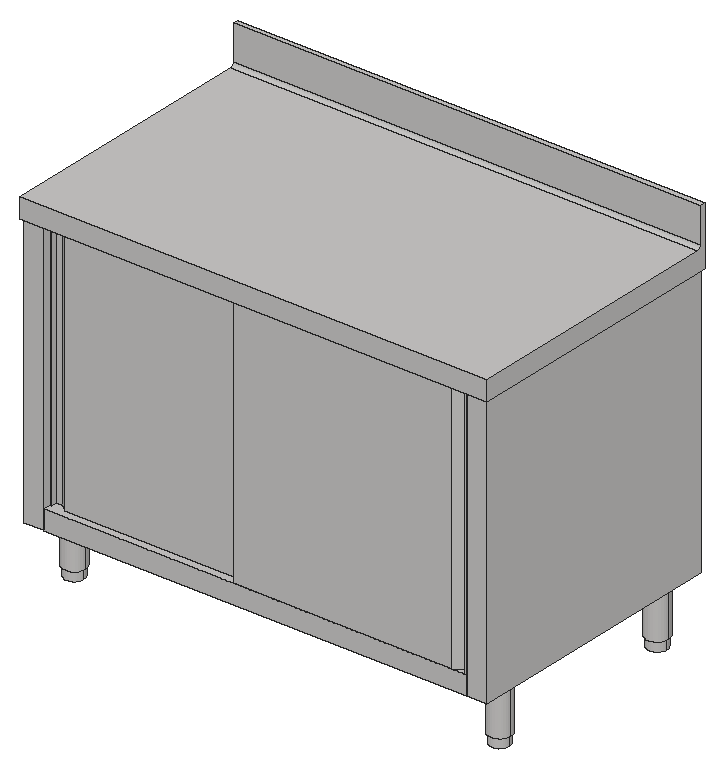
Revit family "QF_ELECTROLUXPROFESSIONAL_132863_MS1217N", category Attrezzature speciali, Revit 2020
Family settings
  Quota connettore circolare = Usa diametro
  Tipo di parte = Normale
  Basato su piano di lavoro = No
  Sempre verticale = Sì
  Taglio con vuoti quando caricato = No
  Condiviso = No
  Punto di calcolo locali = No
Parameters (values of type "Standard")
  Weight = 55.00 kg
  Watts = 0 W
  Volts = 0 V
  URL Manufacturer = "https://www.electroluxprofessional.com/"
  URL = "https://www.electroluxprofessional.com/"
  Steam Supply Size = 0 mm
  Steam Supply Minimum Pressure = 0.0 Pa
  Steam Supply Maximum Pressure = 0.0 Pa
  Steam Consumption per Hour = 0
  Refrigeration Suction Line Size = 0.0 mm
  Refrigeration Liquid Line Size = 0.0 mm
  Refrigerant Compressor Remote = yes
  Prospetto di default = 0.0 mm
  Produttore = "Electrolux Professional"
  Phase = 0
  Modello = "MS1217N"
  Length Actual = 1200.0 mm  # constant formula
  Item Number = "132863"
  Hot Water Size = 0 mm
  Height Actual = 1000.0 mm  # constant formula
  HP = "0 HP"
  Gas Size = 0 mm
  Gas KW = 0
  Gas Input Pressure = 0 W
  Direct Waste Size = 0 mm
  Descrizione = "WORKTOP CUPBOARD WITH UPSTAND 1200MM"
  Depth Actual = 700.0 mm  # constant formula
  Cycle = 0 Hz
  Condensate Return Size = 0 mm
  Compressed Air Volume = 0.0 L/s
  Compressed Air Size = 0 mm
  Compressed Air Pressure = 0.0 Pa
  Cold Water Size = 0 mm
  Accessory = yes
Reference planes
  plane 1 "Center (Front/Back)": y = 0
  plane 2: z = 0
  plane 3 "Center (Left/Right)": x = -100
  plane 4 "LEFT": x = -700
  plane 5 "RIGHT": x = 500
  plane 6 "BACK": y = 350
  plane 7 "FRONT": y = -350
  plane 8 "Base": z = 850
  plane 9 "TOP": z = 900
  plane 10: x = -646.9
  plane 11: x = 446.9
  plane 12: y = 264.5
  plane 13: y = -241.9
  plane 14 "BodyLeft": x = -694.5
  plane 15 "BodyFront": y = -344.5
  plane 16 "BodyRight": x = 494.5
  plane 17 "BodyBack": y = 344.5
  plane 18 "FEET": z = 150
  plane 19: x = -44.5
  plane 20: x = -155.5
Forms (mm)
  Extrusion 1, solid, material "QF_Finishes_Stainless Steel"
    sketch origin (-100, 0, 0) x (0, 1, 0) y (0, 0, 1)
      loop
        line (-350, 850) -> (350, 850) -> (350, 1000) -> (337, 1000) -> (337, 910)
        arc (337, 910) -> (334.071, 902.929) -> (327, 900) r 10
        line (327, 900) -> (-350, 900) -> (-350, 850)
    from 600 to -600
  Extrusion 2, solid, material "QF_Finishes_Stainless Steel"
    sketch origin (0, 0, 150) x (-1, 0, 0) y (0, -1, 0)
      loop
        line (694.5, -344.5) -> (694.5, 344.5) -> (644.5, 344.5) -> (644.5, -344.5) -> (694.5, -344.5)
      loop
        line (-444.5, -344.5) -> (-444.5, 344.5) -> (-494.5, 344.5) -> (-494.5, -344.5) -> (-444.5, -344.5)
    from 0 to 700
  Extrusion 3, solid, material "QF_Finishes_Stainless Steel"
    sketch origin (0, 0, 150) x (-1, 0, 0) y (0, -1, 0)
      loop
        line (643.585, -344.5) -> (643.585, 344.5) -> (-444.5, 344.5) -> (-444.5, -344.5) -> (643.585, -344.5)
    from 0 to 50
  Extrusion 4, solid, material "QF_Finishes_Stainless Steel"
    sketch origin (0, 0, 150) x (-1, 0, 0) y (0, -1, 0)
      loop
        line (643.585, -344.5) -> (643.585, -294.5) -> (-444.5, -294.5) -> (-444.5, -344.5) -> (643.585, -344.5)
    from 50 to 700
  Extrusion 5, solid, material "QF_Finishes_Stainless Steel"
    sketch origin (0, 0, 150) x (-1, 0, 0) y (0, -1, 0)
      loop
        line (-444.5, 344.5) -> (-444.5, 324.5) -> (155.5, 324.5) -> (155.5, 344.5) -> (-404.5, 344.5) -> (-424.5, 329.5) -> (-439.5, 329.5) -> (-439.5, 344.5) -> (-444.5, 344.5)
    from 50 to 700
  Extrusion 6, solid, material "QF_Finishes_Stainless Steel"
    sketch origin (0, 20, 150) x (1, 0, 0) y (0, 1, 0)
      loop
        line (-644.5, -344.5) -> (-639.5, -344.5) -> (-639.5, -329.5) -> (-624.5, -329.5) -> (-604.5, -344.5) -> (-44.5, -344.5) -> (-44.5, -324.5) -> (-644.5, -324.5) -> (-644.5, -344.5)
    from 50 to 700
Lines and regions (mm)
  symbolic lines
    curve 1: line (500, 350, 900) -> (-700, 350, 900)
    curve 2: line (-700, 350, 900) -> (-700, -350, 900)
    curve 3: line (-700, -350, 900) -> (500, -350, 900)
    curve 4: line (500, -350, 900) -> (500, 350, 900)
    curve 5: line (-700, 337, 900) -> (500, 337, 900)
  symbolic lines, style "SpecialityEquipmentHiddenLines"
    curve 6: line (-694.5, -344.5, 150) -> (-694.5, 344.5, 150)
    curve 7: line (-694.5, 344.5, 150) -> (494.5, 344.5, 150)
    curve 8: line (494.5, 344.5, 150) -> (494.5, -344.5, 150)
    curve 9: line (494.5, -344.5, 150) -> (-694.5, -344.5, 150)
    curve 10: line (-644.5, -304.5, 150) -> (-44.5, -304.5, 150)
    curve 11: line (-44.5, -304.5, 150) -> (-44.5, -324.5, 150)
    curve 12: line (444.5, -324.5, 150) -> (-644.5, -324.5, 150)
    curve 13: line (-644.5, -324.5, 150) -> (-644.5, -304.5, 150)
    curve 14: line (-155.5, -344.5, 150) -> (-155.5, -324.5, 150)
Dimensions and locks
  plane 4 "LEFT" to plane 5 "RIGHT" = 1200.0 mm
  equal spacing: plane 4 "LEFT", plane 3 "Center (Left/Right)", plane 5 "RIGHT"
  locked: plane 8 "Base" to level at 850
  locked: Extrusion 1 to level at 1000
  plane 9 "TOP" to level = 900.0 mm
  plane 6 "BACK" to plane 7 "FRONT" = 700.0 mm
  equal spacing: plane 6 "BACK", plane 1 "Center (Front/Back)", plane 7 "FRONT"
  locked: plane 4 "LEFT" to plane 14 "BodyLeft" at 5.5
  locked: plane 16 "BodyRight" to plane 5 "RIGHT" at 5.5
  locked: plane 15 "BodyFront" to plane 7 "FRONT" at 5.5
  locked: plane 6 "BACK" to plane 17 "BodyBack" at 5.5
  locked: plane 14 "BodyLeft" to plane 10 at 47.6
  locked: plane 11 to plane 16 "BodyRight" at 47.6
  locked: plane 13 to plane 15 "BodyFront" at 102.6
  locked: plane 17 "BodyBack" to plane 12 at 80
  plane 10 to plane 11 = 1093.8 mm
  plane 12 to plane 13 = 506.4 mm
  locked: plane 14 "BodyLeft" to Extrusion 2 sketch curve at 50
  locked: Extrusion 2 sketch curve to Extrusion 2 sketch curve at 50
  Extrusion 3 to Extrusion 4 sketch curve = 50.0 mm
  Extrusion 2 to plane 19 = 600.0 mm
  plane 20 to Extrusion 2 = 600.0 mm
  locked: plane 18 "FEET" to level at 150
  aligned and locked: level to plane 2
  aligned and locked: plane 10 to nested 1
  aligned and locked: nested 1 to plane 13
  aligned and locked: plane 11 to nested 2
  aligned and locked: nested 2 to plane 13
  aligned and locked: plane 11 to nested 4
  aligned and locked: nested 4 to plane 12
  aligned and locked: plane 10 to nested 3
  aligned and locked: nested 3 to plane 12
  aligned and locked: Extrusion 1 to plane 4 "LEFT"
  aligned and locked: plane 5 "RIGHT" to Extrusion 1
  aligned and locked: curve 2 to plane 4 "LEFT"
  aligned and locked: plane 17 "BodyBack" to Extrusion 2 sketch curve
  aligned and locked: Extrusion 2 sketch curve to plane 15 "BodyFront"
  aligned and locked: Extrusion 2 sketch curve to plane 14 "BodyLeft"
  aligned and locked: plane 16 "BodyRight" to Extrusion 2 sketch curve
  aligned and locked: Extrusion 2 sketch curve to plane 17 "BodyBack"
  aligned and locked: plane 15 "BodyFront" to Extrusion 2 sketch curve
  aligned and locked: Extrusion 3 sketch curve to plane 17 "BodyBack"
  aligned and locked: plane 15 "BodyFront" to Extrusion 3 sketch curve
  aligned and locked: plane 8 "Base" to Extrusion 2
  aligned and locked: plane 8 "Base" to Extrusion 5
  aligned and locked: Extrusion 5 to Extrusion 3
  aligned and locked: Extrusion 6 sketch curve to plane 19
  aligned and locked: Extrusion 5 sketch curve to plane 20
  aligned and locked: curve 7 to plane 17 "BodyBack"
  aligned and locked: Extrusion 2 to plane 14 "BodyLeft"
  aligned and locked: plane 16 "BodyRight" to curve 8
  aligned and locked: plane 15 "BodyFront" to curve 9
Automatic sketch dimensions
  curve 3 to plane 7 "FRONT" = 0.0 mm
  curve 5 to plane 5 "RIGHT" = 0.0 mm
  curve 4 to plane 6 "BACK" = 0.0 mm
  curve 5 to plane 17 "BodyBack" = 7.5 mm
  Extrusion 1 sketch curve to plane 7 "FRONT" = 0.0 mm
  Extrusion 1 sketch curve to plane 9 "TOP" = 0.0 mm
  Extrusion 1 sketch curve to plane 6 "BACK" = 0.0 mm
  Extrusion 1 sketch curve to plane 8 "Base" = 0.0 mm
  Extrusion 1 sketch curve to plane 17 "BodyBack" = 17.5 mm
  Extrusion 1 sketch curve to plane 17 "BodyBack" = 7.5 mm
  Extrusion 1 sketch curve to Extrusion 1 sketch curve = 90.0 mm
  Extrusion 5 sketch curve to plane 15 "BodyFront" = 0.0 mm  (x2)
  Extrusion 5 sketch curve to plane 11 = 2.4 mm
  Extrusion 5 sketch curve to Extrusion 5 sketch curve = 5.0 mm
  Extrusion 5 sketch curve to Extrusion 5 sketch curve = 15.0 mm
  Extrusion 5 sketch curve to Extrusion 5 sketch curve = 20.0 mm
  plane 15 "BodyFront" to Extrusion 5 sketch curve = 15.0 mm
  plane 15 "BodyFront" to Extrusion 5 sketch curve = 20.0 mm
  Extrusion 6 sketch curve to plane 15 "BodyFront" = 20.0 mm  (x2)
  Extrusion 6 sketch curve to plane 10 = 2.4 mm
  Extrusion 6 sketch curve to Extrusion 6 sketch curve = 5.0 mm
  Extrusion 6 sketch curve to Extrusion 6 sketch curve = 15.0 mm
  Extrusion 6 sketch curve to Extrusion 6 sketch curve = 20.0 mm  (x2)
  Extrusion 6 sketch curve to plane 15 "BodyFront" = 35.0 mm
  Extrusion 3 sketch curve to plane 11 = 2.4 mm
  plane 10 to Extrusion 3 sketch curve = 3.315 mm
  Extrusion 4 sketch curve to plane 11 = 2.4 mm
  plane 10 to Extrusion 4 sketch curve = 3.315 mm
  curve 10 to plane 19 = 0.0 mm
  curve 14 to plane 20 = 0.0 mm
  curve 7 to plane 14 "BodyLeft" = 0.0 mm
  plane 10 to curve 13 = 2.4 mm
  curve 10 to curve 13 = 20.0 mm
  curve 12 to plane 11 = 2.4 mm
  plane 15 "BodyFront" to curve 14 = 20.0 mm
Nested families
  nested 1: "FEET_D58-150" at (-646.9, -241.9, 0), type "FEET_D58-150"
  nested 2: "FEET_D58-150" at (446.9, -241.9, 0), type "FEET_D58-150"
  nested 3: "FEET_D58-150" at (-646.9, 264.5, 0), type "FEET_D58-150"
  nested 4: "FEET_D58-150" at (446.9, 264.5, 0), type "FEET_D58-150"
Definition of nested family "FEET_D58-150"
  Parameters
    Default Elevation = 0.0 mm
    FEET = 150.0 mm
  Reference planes
    plane 1 "Center (Front/Back)": y = 0
    plane 2: z = 0
    plane 3 "Center (Left/Right)": x = 0
    plane 4: z = 150
  Forms (mm)
    Extrusion 1, solid
      sketch origin (0, 0, 0) x (1, 0, 0) y (0, 1, 0)
        loop
          circle (0, 0) r 25
      from 0 to 25
    Extrusion 2, solid
      sketch origin (0, 0, 0) x (1, 0, 0) y (0, 1, 0)
        loop
          circle (0.061, 0) r 29
      from 25 to 150 <- "FEET"
  Lines and regions (mm)
    symbolic lines
      curve 1: line (0, -1.503, 0) -> (0, 1.508, 0)
      curve 2: line (1.561, 0, 0) -> (-1.439, 0, 0)
  Dimensions and locks
    "FEET": plane 4 to plane 2
    aligned and locked: level to plane 2
  Automatic sketch dimensions
    plane 1 "Center (Front/Back)" to Extrusion 1 sketch curve = 0.0 mm
    Extrusion 1 sketch curve to plane 3 "Center (Left/Right)" = 0.0 mm
    plane 1 "Center (Front/Back)" to curve 2 = 0.0 mm
    curve 1 to plane 3 "Center (Left/Right)" = 0.0 mm
    curve 2 to plane 3 "Center (Left/Right)" = 1.439 mm
    plane 3 "Center (Left/Right)" to curve 2 = 1.561 mm
    plane 1 "Center (Front/Back)" to curve 1 = 1.503 mm
    curve 1 to plane 1 "Center (Front/Back)" = 1.508 mm
    plane 1 "Center (Front/Back)" to Extrusion 2 sketch curve = 0.0 mm
    plane 3 "Center (Left/Right)" to Extrusion 2 sketch curve = 0.061 mm
    radius of Extrusion 1 sketch curve = 25.0 mm
    radius of Extrusion 2 sketch curve = 29.0 mm
